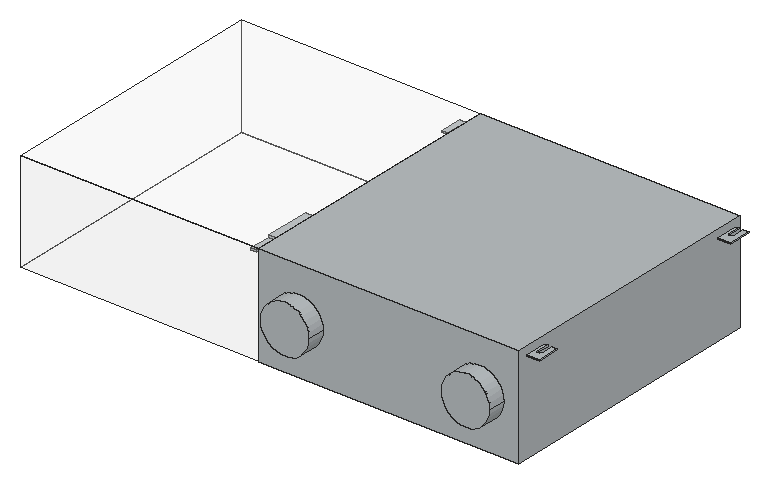
Revit family "vl-25zmhv2(-s)_50Hz", category 機械設備, Revit 2019
Family settings
  丸型コネクタ寸法 = 直径を使用
  パーツ タイプ = 標準
  OmniClass 番号 = 23.75.10.34.21
  OmniClass タイトル = Heat Exchangers for Ventilation Air
  作業面ベース = いいえ
  常に垂直 = はい
  ロード時にボイドで切り取り = いいえ
  共有 = いいえ
  部屋計算ポイント = はい
Parameters (values of type "VL-25ZMHV2")
  騒音レベル(dB(A)) = 33
  風量 = 250.0 m³/h
  面風速 = 3.93 m/s
  電源種別 [instance] = ""
  電圧 = 100 V
  電動機出力 = 0 W
  集中コントローラ = ""
  運転質量 = 0.00 kg
  連動 [instance] = ""
  質量 = if(製品質量 > 運転質量, 製品質量, 運転質量) * 1.2  # 22.80 kg
  負荷分類 = 3_ファン類
  説明 = "ロスナイセントラル換気システム 天吊埋込形 高効率シリーズ"
  設計風量 = 0.0 m³/h
  設置方法 = "天井吊(隠ぺい)形"
  記号 [instance] = ""
  製造元 = "三菱電機株式会社"
  製品質量 = 19.00 kg
  製品出荷対象 = "国内"
  製品リリース年月 = "2022/6/1"
  製品グループ = ""
  系統 [instance] = ""
  符号 = "HEU"
  積算_科目 = "1 空気調和設備"
  積算_拾い区分 [instance] = ""
  相 = 1
  盤記号 [instance] = ""
  発停方法 [instance] = ""
  特殊仕様 [instance] = ""
  点検口高さ = -Height  # -295 mm
  点検口離隔 = 250 mm
  点検口_Depth = 450 mm
  点検口 = yes
  火災停止 [instance] = ""
  温度交換効率 = 80.00%
  消費電力 = 74 W
  法定耐用年数 = "15"
  機外静圧_排気 = 118.0 Pa
  機外静圧 = 118.0 Pa
  極数 = 2
  材質 [instance] = ""
  本体マテリアル = 溶融めっき鋼板
  操作・制御方式 = ""
  操作・制御スイッチ = ""
  排気量 = 0.0 m³/h
  形式 = "天井埋込ダクト形"
  幹線記号 [instance] = ""
  対象室 [instance] = ""
  実風量 = 0.0 m³/h
  始動方式 [instance] = "直入"
  天吊金具_径 = 13 mm
  天吊金具_幅 = 22 mm
  外気量 = 0.0 m³/h
  呼称 = "全熱交換ユニット"
  周波数 = 50 Hz
  天吊金具ピッチ2 = 700 mm
  天吊金具ピッチ1 = 797 mm
  天吊金具_高さ = 20 mm
  参照している仕様書等のバージョン = ""
  初期抵抗 = 0.0 Pa
  分類コード = "50052504100070"
  分類グループ = ""
  価格 = 340600
  企業コード = "108420"
  付属品_フィルター_還気 = ""
  付属品_フィルター = ""
  付属品 [instance] = ""
  仕様書バージョン = "Version1.0"
  モデル = "VL-25ZMHV2"
  メンテナンススペース = yes
  ダクト径 = 150 mm
  コメント [instance] = ""
  Keynote = ""
  エンタルピ交換効率_暖房 = 70.00%
  エンタルピ交換効率_冷房 = 67.50%
  Assembly Code = ""
  Width = 761 mm
  W1 = 45 mm
  Version = ""
  Uniclass2015Version = "Systems v1.9"
  Uniclass2015Title = "Thermal wheels"
  Uniclass2015Code = "Pr_60_60_36_88"
  URL = "https://www.mitsubishielectric.co.jp/ldg/wink/ssl/displayProduct.do?pid=320836"
  SpecificationReference = ""
  SpecificationDescription = ""
  SAサイズ_D = 142 mm
  Revision = ""
  RAサイズ_D = 142 mm
  ProductInformation = ""
  OmniClassCode = "23-27 23 19 11"
  OAダクト接続口方向_標準 = yes
  OAダクト接続口方向_変更 = not(OAダクト接続口方向_標準)  # no
  OAサイズ_W = 0 mm
  OAサイズ_D = 142 mm
  MIN風量 = 175.0 m³/h
  MIN静圧 = 58.0 Pa
  MID風量 = 210.0 m³/h
  MID静圧 = 83.0 Pa
  MAX風量 = 250.0 m³/h
  MAX静圧 = 118.0 Pa
  IfcTypeProduct = ""
  IfcProduct = ""
  IfcExportType = "ROTARYWHEEL"
  IfcExportAs = "IfcAirToAirHeatRecoveryType"
  Height = 295 mm
  H3 = 147.5 mm
  H2 = 18.4 mm
  H1 = 250.8 mm
  EAダクト接続口方向_変更 = not(EAダクト接続口方向_標準)  # no
  EAダクト接続口方向_標準 = yes
  EAサイズ_W = 0 mm
  EAサイズ_D = 142 mm
  Duct_Pitch = 530 mm
  DuctChange_Center = 102 mm
  Depth = 810 mm
  D3 = 50 mm
  D2 = 91.5 mm
  D1 = 135 mm
  Clearance Top = 0 mm
  Clearance Left = 700 mm
  Clearance Bottom = 0 mm
  Author = "三菱電機株式会社"
Types (2, lengths in mm): name | モデル | URL | MIN風量 | MIN静圧 | MID風量 | MID静圧
  VL-25ZMHV2 | "VL-25ZMHV2" | "https://www.mitsubishielectric.co.jp/ldg/wink/ssl/displayProduct.do?pid=320836" | 175.0 m³/h | 58.0 Pa | 210.0 m³/h | 83.0 Pa
  VL-25ZMHV2-S | "VL-25ZMHV2-S" | "https://www.mitsubishielectric.co.jp/ldg/wink/ssl/displayProduct.do?pid=320837" | 100.0 m³/h | 19.0 Pa | 180.0 m³/h | 62.0 Pa
Reference planes
  plane 1 "中心(正面/背面)": y = 0
  plane 2: z = 0
  plane 3 "中心(左/右)": x = 0
  plane 4: x = -380.5
  plane 5: x = 380.5
  plane 6: y = 405
  plane 7: y = -405
  plane 8: z = -295
  plane 9: z = -147.5
  plane 10: x = -265
  plane 11: x = 265
  plane 12: y = -455
  plane 13: y = 455
  plane 14: y = 303
  plane 15: x = -430.5
  plane 16: x = 430.5
  plane 17: x = -1080.5
  plane 18: y = -313.5
  plane 19: y = -178.5
  plane 20: z = -18.4
  plane 21: z = -269.2
  plane 22: x = -425.5
  plane 23: x = -630.5
  plane 24: y = 225
  plane 25: x = -398.5
  plane 26: x = 398.5
  plane 27: y = 350
  plane 28: y = -350
  plane 29: y = -225
  plane 30: x = -420.5
  plane 31: y = -370
  plane 32: z = -5
  plane 33: z = -20
  plane 34: z = -23
  plane 35: x = 420.5
  plane 36: z = -295
  plane 37: z = 0
Forms (mm)
  Extrusion 1, solid, material "溶融めっき鋼板" <- "本体マテリアル", detail levels fine
    sketch origin (0, 0, 0) x (1, 0, 0) y (0, 1, 0)
      loop
        line (-380.5, 405) -> (-380.5, -405) -> (380.5, -405) -> (380.5, 405) -> (-380.5, 405)
    from 0 to -295
  Extrusion 2, solid, material "溶融めっき鋼板" <- "本体マテリアル", detail levels fine
    sketch origin (510, -445, 0) x (-1, 0, 0) y (0, 0, -1)
      loop
        circle (245, 147.5) r 71
    from -40 to 10
  Extrusion 3, solid, material "溶融めっき鋼板" <- "本体マテリアル", detail levels fine
    sketch origin (-380.5, -405, 0) x (0, 1, 0) y (0, 0, -1)
      loop
        line (226.5, 18.4) -> (226.5, 269.2) -> (91.5, 269.2) -> (91.5, 18.4) -> (226.5, 18.4)
    from 0 to 45
  Extrusion 4, solid, material "溶融めっき鋼板" <- "本体マテリアル", visible <- "EAダクト接続口方向_標準", detail levels fine
    sketch origin (510, 445, 0) x (-1, 0, 0) y (0, 0, 1)
      loop
        circle (245, -147.5) r 71
    from -40 to 10
  Extrusion 5, solid, material "溶融めっき鋼板" <- "本体マテリアル", visible <- "OAダクト接続口方向_標準", detail levels fine
    sketch origin (-510, 445, 0) x (1, 0, 0) y (0, 0, -1)
      loop
        circle (245, 147.5) r 71
    from -40 to 10
  Extrusion 6, solid, material "溶融めっき鋼板" <- "本体マテリアル", detail levels fine
    sketch origin (-510, -445, 0) x (1, 0, 0) y (0, 0, 1)
      loop
        circle (245, -147.5) r 71
    from -40 to 10
  Extrusion 7, solid, material "溶融めっき鋼板" <- "本体マテリアル", visible <- "EAダクト接続口方向_変更", detail levels fine
    sketch origin (0, 0, 0) x (0, 1, 0) y (0, 0, 1)
      loop
        circle (303, -147.5) r 71
    from 380.5 to 430.5
  Extrusion 8, solid, material "溶融めっき鋼板" <- "本体マテリアル", visible <- "OAダクト接続口方向_変更", detail levels fine
    sketch origin (0, 0, 0) x (0, 1, 0) y (0, 0, -1)
      loop
        circle (303, 147.5) r 71
    from 380.5 to 430.5
  Extrusion 9, solid, material "溶融めっき鋼板" <- "本体マテリアル", detail levels fine
    sketch origin (0, 0, 0) x (1, 0, 0) y (0, 1, 0)
      loop
        line (-420.5, 315) -> (-405, 315) -> (-405, 350)
        arc (-405, 350) -> (-398.5, 356.5) -> (-392, 350) r 6.5
        line (-392, 350) -> (-392, 315) -> (-380.5, 315) -> (-380.5, 380) -> (-420.5, 380) -> (-420.5, 315)
      loop
        line (-420.5, -385) -> (-405, -385) -> (-405, -350)
        arc (-405, -350) -> (-398.5, -343.5) -> (-392, -350) r 6.5
        line (-392, -350) -> (-392, -385) -> (-380.5, -385) -> (-380.5, -320) -> (-420.5, -320) -> (-420.5, -385)
      loop
        line (392, 350) -> (392, 385) -> (380.5, 385) -> (380.5, 320) -> (420.5, 320) -> (420.5, 385) -> (405, 385) -> (405, 350)
        arc (405, 350) -> (398.5, 343.5) -> (392, 350) r 6.5
      loop
        line (392, -350) -> (392, -315) -> (380.5, -315) -> (380.5, -380) -> (420.5, -380) -> (420.5, -315) -> (405, -315) -> (405, -350)
        arc (405, -350) -> (398.5, -356.5) -> (392, -350) r 6.5
    from -23 to -20
Lines and regions (mm)
  Masking region 1, detail levels coarse+medium
    outline origin (1326.5, 29, 0) x (1, 0, 0) y (0, 1, 0)
      loop
        line (-1707, 376) -> (-1707, -434) -> (-946, -434) -> (-946, 376) -> (-1707, 376)
  symbolic lines, detail levels coarse+medium
    curve 1: line (0, 405, 0) -> (-380.5, 0, 0)
    curve 2: line (-380.5, 0, 0) -> (0, -405, 0)
    curve 3: line (0, -405, 0) -> (380.5, 0, 0)
    curve 4: line (380.5, 0, 0) -> (0, 405, 0)
Dimensions and locks
  equal spacing: plane 4, plane 3 "中心(左/右)", plane 5
  "Width": plane 4 to plane 5
  equal spacing: plane 6, plane 1 "中心(正面/背面)", plane 7
  "Depth": plane 6 to plane 7
  "Height": level to plane 8
  "H3": level to plane 9
  equal spacing: plane 11, plane 3 "中心(左/右)", plane 10
  "Duct_Pitch": plane 11 to plane 10
  "D3": plane 13 to plane 6
  "D3": plane 7 to plane 12
  "DuctChange_Center": plane 6 to plane 14
  "D3": plane 5 to plane 16
  "D3": plane 15 to plane 4
  "Clearance Left": plane 17 to plane 4
  "H2": level to plane 20
  "H1": plane 20 to plane 21
  "D2": plane 18 to plane 7
  "D1": plane 19 to plane 18
  "W1": plane 22 to plane 4
  "点検口離隔": plane 23 to plane 4
  equal spacing: plane 25, plane 3 "中心(左/右)", plane 26
  "天吊金具ピッチ1": plane 25 to plane 26
  equal spacing: plane 27, plane 1 "中心(正面/背面)", plane 28
  "天吊金具ピッチ2": plane 27 to plane 28
  equal spacing: plane 24, plane 1 "中心(正面/背面)", plane 29
  "点検口_Depth": plane 24 to plane 29
  "天吊金具_幅": plane 30 to plane 25
  "天吊金具_高さ": level to plane 33
  locked: plane 33 to plane 34 at 3
  "天吊金具_幅": plane 26 to plane 35
  "Clearance Bottom": plane 8 to plane 36
  "Clearance Top": plane 37 to level
  plane 27 to Extrusion 9 sketch curve = 30 mm  (x2)
  plane 27 to Extrusion 9 sketch curve = 35 mm  (x2)
  equal spacing: Extrusion 9 sketch curve, plane 25, Extrusion 9 sketch curve  (x2)
  "天吊金具_径": Extrusion 9 sketch curve to Extrusion 9 sketch curve  (x4)
  plane 28 to Extrusion 9 sketch curve = 30 mm  (x2)
  plane 28 to Extrusion 9 sketch curve = 35 mm  (x2)
  equal spacing: Extrusion 9 sketch curve, plane 26, Extrusion 9 sketch curve  (x2)
  "RAサイズ_D": diameter of Extrusion 2 sketch curve
  "EAサイズ_D": diameter of Extrusion 4 sketch curve
  "OAサイズ_D": diameter of Extrusion 5 sketch curve
  "SAサイズ_D": diameter of Extrusion 6 sketch curve
  "EAサイズ_D": diameter of Extrusion 7 sketch curve
  "EAサイズ_D": diameter of Extrusion 8 sketch curve
  aligned and locked: level to plane 2
  aligned and locked: Extrusion 1 to plane 8
  aligned and locked: plane 7 to Extrusion 2
  aligned and locked: Extrusion 2 to plane 12
  aligned and locked: plane 17 to nested 1
  aligned and locked: plane 4 to nested 1
  aligned and locked: nested 1 to plane 6
  aligned and locked: nested 1 to plane 7
  aligned and locked: Extrusion 3 to plane 22
  aligned and locked: plane 4 to Extrusion 3
  aligned and locked: Masking region 1 to plane 4
  aligned and locked: plane 5 to Masking region 1
  aligned and locked: plane 6 to Masking region 1
  aligned and locked: Masking region 1 to plane 7
  aligned and locked: plane 26 to nested 2
  aligned and locked: plane 25 to nested 2
  aligned and locked: nested 2 to plane 28
  aligned and locked: plane 27 to nested 2
  aligned and locked: Extrusion 3 to plane 19
  aligned and locked: Extrusion 3 to plane 21
  aligned and locked: plane 20 to Extrusion 3
  aligned and locked: plane 18 to Extrusion 3
  aligned and locked: plane 23 to nested 3
  aligned and locked: plane 17 to nested 3
  aligned and locked: plane 24 to nested 3
  aligned and locked: nested 3 to plane 29
  aligned and locked: plane 13 to Extrusion 4
  aligned and locked: Extrusion 4 to plane 6
  aligned and locked: plane 13 to Extrusion 5
  aligned and locked: Extrusion 5 to plane 6
  aligned and locked: Extrusion 6 to plane 12
  aligned and locked: plane 7 to Extrusion 6
  aligned and locked: plane 16 to Extrusion 7
  aligned and locked: Extrusion 7 to plane 5
  aligned and locked: plane 4 to Extrusion 8
  aligned and locked: Extrusion 8 to plane 15
  aligned and locked: plane 36 to nested 1
  aligned and locked: plane 37 to nested 1
  aligned and locked: plane 30 to Extrusion 9 sketch curve
  aligned and locked: Extrusion 9 to plane 34
  aligned and locked: plane 33 to Extrusion 9
  aligned and locked: plane 35 to Extrusion 9 sketch curve  (x2)
  aligned and locked: plane 5 to Extrusion 9 sketch curve  (x2)
Automatic sketch dimensions
  Extrusion 2 sketch curve to plane 9 = 0 mm
  Extrusion 2 sketch curve to plane 11 = 0 mm
  Extrusion 4 sketch curve to plane 9 = 0 mm
  Extrusion 4 sketch curve to plane 11 = 0 mm
  Extrusion 5 sketch curve to plane 9 = 0 mm
  Extrusion 5 sketch curve to plane 10 = 0 mm
  Extrusion 6 sketch curve to plane 9 = 0 mm
  Extrusion 6 sketch curve to plane 10 = 0 mm
  Extrusion 7 sketch curve to plane 9 = 0 mm
  Extrusion 7 sketch curve to plane 14 = 0 mm
  Extrusion 8 sketch curve to plane 9 = 0 mm
  Extrusion 8 sketch curve to plane 14 = 0 mm
  plane 1 "中心(正面/背面)" to curve 1 = 0 mm
  curve 1 to plane 4 = 0 mm
  curve 2 to plane 3 "中心(左/右)" = 0 mm
  curve 4 to plane 3 "中心(左/右)" = 0 mm
  plane 1 "中心(正面/背面)" to curve 4 = 0 mm
  curve 4 to plane 5 = 0 mm
  curve 2 to plane 7 = 0 mm
  curve 4 to plane 6 = 0 mm
  Extrusion 1 sketch curve to plane 4 = 0 mm
  Extrusion 1 sketch curve to plane 5 = 0 mm
  Extrusion 1 sketch curve to plane 7 = 0 mm
  Extrusion 1 sketch curve to plane 6 = 0 mm
  Extrusion 1 to Extrusion 3 sketch curve = 18.4 mm
  Extrusion 3 sketch curve to Extrusion 1 = 91.5 mm
  Extrusion 1 to Extrusion 3 sketch curve = 25.8 mm
  Extrusion 3 sketch curve to Extrusion 3 sketch curve = 135 mm
  Masking region 1 sketch curve to plane 4 = 0 mm
  Masking region 1 sketch curve to plane 5 = 0 mm
  Masking region 1 sketch curve to plane 7 = 0 mm
  Masking region 1 sketch curve to plane 6 = 0 mm
  Extrusion 9 sketch curve to plane 30 = 0 mm
  Extrusion 9 sketch curve to plane 4 = 0 mm  (x2)
  Extrusion 9 sketch curve to plane 28 = 0 mm  (x2)
  Extrusion 9 sketch curve to plane 27 = 0 mm  (x2)
  Extrusion 9 sketch curve to Extrusion 9 sketch curve = 0 mm  (x3)
  plane 18 to Extrusion 9 sketch curve = 1.5 mm
Nested families
  nested 1: "メンテナンススペース" at (-730.5, 0, -147.5), visible <- "メンテナンススペース", type "メンテナンススペース"
    with Width 700 mm, Height 295 mm, Depth 810 mm
  nested 2: "固定点" at (-398.5, -350, 0), type "固定点"
    with W 797 mm, D 700 mm
  nested 3: "点検口設置範囲" at (-855.5, 0, -295), built-in parameter 1001364 <- "点検口高さ", visible <- "点検口", type "点検口設置範囲"
    with Width 450 mm, Depth 450 mm
Connectors
  hvac at (265, -455, -147.5), driven by "ダクト径", driven by "機外静圧", driven by "風量"
    settings: on Extrusion 2, index 2, duct flow 250.0 m³/h, flow factor 0, pres drop 118.0 Pa, loss coef 0, conn angle 0.00°, conn width 304.8 mm, conn height 304.8 mm, conn diameter 150 mm, duct sys type 2, conn prof type 0, flow config 0, flow direction 1, loss method 4, conn ref index -1, conn util no, is conn primary yes, conn desc ""
  electrical at (-403, -313.5, -143.8), driven by "負荷分類", driven by "相", driven by "電圧", driven by "消費電力"
    settings: on Extrusion 3, index 7, voltage 100 V, apparent load 74 VA, apparent load phase1 0 VA, apparent load phase2 0 VA, apparent load phase3 0 VA, power factor 1, load classification "3_ファン類", number of poles 1, system type 30, power factor state 1, is connector primary yes, connector utility no, sub classification motor no, connector description ""
  hvac at (265, 455, -147.5), driven by "ダクト径", driven by "排気量", driven by "機外静圧_排気"
    settings: on Extrusion 4, index 8, duct flow 0.0 m³/h, flow factor 0, pres drop 118.0 Pa, loss coef 0, conn angle 0.00°, conn width 304.8 mm, conn height 304.8 mm, conn diameter 150 mm, duct sys type 3, conn prof type 0, flow config 0, flow direction 2, loss method 4, conn ref index -1, conn util no, is conn primary no, conn desc ""
  hvac at (-265, 455, -147.5), driven by "ダクト径", driven by "外気量", driven by "機外静圧"
    settings: on Extrusion 5, index 9, duct flow 0.0 m³/h, flow factor 0, pres drop 118.0 Pa, loss coef 0, conn angle 0.00°, conn width 304.8 mm, conn height 304.8 mm, conn diameter 150 mm, duct sys type 4, conn prof type 0, flow config 0, flow direction 1, loss method 4, conn ref index -1, conn util no, is conn primary no, conn desc ""
  hvac at (-265, -455, -147.5), driven by "ダクト径", driven by "風量", driven by "機外静圧"
    settings: on Extrusion 6, index 10, duct flow 250.0 m³/h, flow factor 0, pres drop 118.0 Pa, loss coef 0, conn angle 0.00°, conn width 304.8 mm, conn height 304.8 mm, conn diameter 150 mm, duct sys type 1, conn prof type 0, flow config 0, flow direction 2, loss method 4, conn ref index -1, conn util no, is conn primary no, conn desc ""
  hvac at (430.5, 303, -147.5), driven by "ダクト径", driven by "機外静圧_排気", driven by "排気量"
    settings: on Extrusion 7, index 11, duct flow 0.0 m³/h, flow factor 0, pres drop 118.0 Pa, loss coef 0, conn angle 0.00°, conn width 304.8 mm, conn height 304.8 mm, conn diameter 150 mm, duct sys type 3, conn prof type 0, flow config 0, flow direction 2, loss method 4, conn ref index -1, conn util no, is conn primary no, conn desc ""
  hvac at (-430.5, 303, -147.5), driven by "ダクト径", driven by "機外静圧", driven by "外気量"
    settings: on Extrusion 8, index 12, duct flow 0.0 m³/h, flow factor 0, pres drop 118.0 Pa, loss coef 0, conn angle 0.00°, conn width 304.8 mm, conn height 304.8 mm, conn diameter 150 mm, duct sys type 4, conn prof type 0, flow config 0, flow direction 1, loss method 4, conn ref index -1, conn util no, is conn primary no, conn desc ""
Definition of nested family "メンテナンススペース"
  Parameters (values of type "メンテナンススペース")
    Width [instance] = 500 mm
    Height [instance] = 500 mm
    Depth [instance] = 500 mm
  Reference planes
    plane 1 "中心(正面/背面)": y = 0
    plane 2: z = 0
    plane 3 "中心(左/右)": x = 0
    plane 4: y = -250
    plane 5: x = 250
    plane 6: y = 250
    plane 7: x = -250
    plane 8: z = 250
    plane 9: z = -250
  Forms (mm)
    Extrusion 1, solid
      sketch origin (-638.939, 0, 72.39) x (1, 0, 0) y (0, 1, 0)
        loop
          line (388.939, 250) -> (388.939, -250) -> (888.939, -250) -> (888.939, 250) -> (388.939, 250)
      from -322.39 to 177.61
  Lines and regions (mm)
    symbolic lines
      curve 1: line (-250, 0, 250) -> (250, 0, 250)
      curve 2: line (-250, 0, -250) -> (-250, 0, 250)
      curve 3: line (250, 0, -250) -> (-250, 0, -250)
      curve 4: line (250, 0, 250) -> (250, 0, -250)
      curve 5: line (0, -250, 250) -> (0, 250, 250)
      curve 6: line (0, -250, -250) -> (0, -250, 250)
      curve 7: line (0, 250, -250) -> (0, -250, -250)
      curve 8: line (0, 250, 250) -> (0, 250, -250)
      curve 9: line (-250, 250, 0) -> (250, 250, 0)
      curve 10: line (-250, -250, 0) -> (-250, 250, 0)
      curve 11: line (250, -250, 0) -> (-250, -250, 0)
      curve 12: line (250, 250, 0) -> (250, -250, 0)
  Dimensions and locks
    equal spacing: plane 7, plane 3 "中心(左/右)", plane 5
    equal spacing: plane 4, plane 1 "中心(正面/背面)", plane 6
    "Depth": plane 4 to plane 6
    "Width": plane 7 to plane 5
    equal spacing: plane 8, plane 2, plane 9
    "Height": plane 8 to plane 9
    aligned and locked: plane 9 to curve 3
    aligned and locked: plane 7 to curve 2
    aligned and locked: curve 4 to plane 5
    aligned and locked: plane 5 to Extrusion 1
    aligned and locked: Extrusion 1 to plane 7
    aligned and locked: Extrusion 1 to plane 9
    aligned and locked: plane 8 to Extrusion 1
    aligned and locked: plane 9 to curve 7
  Automatic sketch dimensions
    plane 4 to Extrusion 1 sketch curve = 0 mm
    Extrusion 1 sketch curve to plane 7 = 0 mm
    Extrusion 1 sketch curve to plane 5 = 0 mm
    plane 6 to Extrusion 1 sketch curve = 0 mm
    curve 2 to plane 8 = 0 mm
    plane 4 to curve 11 = 0 mm
    curve 11 to plane 7 = 0 mm
    curve 11 to plane 5 = 0 mm
    plane 6 to curve 10 = 0 mm
    curve 7 to plane 4 = 0 mm
    curve 7 to plane 6 = 0 mm
    curve 6 to plane 8 = 0 mm
Definition of nested family "固定点"
  Parameters (values of type "固定点")
    中心円 = 20 mm
    W [instance] = 1000 mm
    D [instance] = 1000 mm
  Reference planes
    plane 1 "中心(正面/背面)": y = 0
    plane 2: z = 0
    plane 3 "中心(左/右)": x = 0
    plane 4: x = 1000
    plane 5: y = 1000
  Lines and regions (mm)
    symbolic lines, detail levels fine
      curve 1: circle (0, 1000, 0) r 10 normal (0, 0, 1)
      curve 2: circle (0, 0, 0) r 10 normal (0, 0, 1)
      curve 3: circle (1000, 1000, 0) r 10 normal (0, 0, 1)
      curve 4: circle (1000, 0, 0) r 10 normal (0, 0, 1)
      curve 5: line (-200, 1000, 0) -> (1200, 1000, 0)
      curve 6: line (-200, 0, 0) -> (1200, 0, 0)
      curve 7: line (0, 1200, 0) -> (0, -200, 0)
      curve 8: line (1000, 1200, 0) -> (1000, -200, 0)
  Dimensions and locks
    "W": plane 3 "中心(左/右)" to plane 4
    "D": plane 1 "中心(正面/背面)" to plane 5
    "中心円": diameter of curve 1
    "中心円": diameter of curve 2
    "中心円": diameter of curve 3
    "中心円": diameter of curve 4
    aligned and locked: level to plane 2
    aligned and locked: plane 5 to curve 1
    aligned and locked: plane 3 "中心(左/右)" to curve 1
    aligned and locked: plane 3 "中心(左/右)" to curve 2
    aligned and locked: plane 1 "中心(正面/背面)" to curve 2
    aligned and locked: plane 4 to curve 3
    aligned and locked: plane 5 to curve 3
    aligned and locked: plane 1 "中心(正面/背面)" to curve 4
    aligned and locked: plane 4 to curve 4
    aligned and locked: plane 1 "中心(正面/背面)" to curve 6
    aligned and locked: curve 7 to plane 3 "中心(左/右)"
    aligned and locked: curve 8 to plane 4
  Automatic sketch dimensions
    curve 5 to plane 5 = 0 mm
    curve 6 to plane 3 "中心(左/右)" = 200 mm
    curve 5 to plane 3 "中心(左/右)" = 200 mm
    curve 4 to curve 6 = 200 mm
    curve 3 to curve 5 = 200 mm
    plane 1 "中心(正面/背面)" to curve 8 = 200 mm
    plane 1 "中心(正面/背面)" to curve 7 = 200 mm
    curve 3 to curve 8 = 200 mm
    curve 1 to curve 7 = 200 mm
Definition of nested family "点検口設置範囲"
  Parameters (values of type "点検口設置範囲")
    Width [instance] = 1000 mm
    Depth [instance] = 700 mm
  Reference planes
    plane 1 "中心(正面/背面)": y = 0
    plane 2: z = 0
    plane 3 "中心(左/右)": x = 0
    plane 4: x = -500
    plane 5: x = 500
    plane 6: y = -350
    plane 7: y = 350
  Lines and regions (mm)
    model lines
      curve 1: line (-500, 350, 0) -> (500, 350, 0)
      curve 2: line (-500, -350, 0) -> (-500, 350, 0)
      curve 3: line (500, -350, 0) -> (-500, -350, 0)
      curve 4: line (500, 350, 0) -> (500, -350, 0)
  Dimensions and locks
    "Depth": plane 7 to plane 6
    "Width": plane 4 to plane 5
    equal spacing: plane 7, plane 1 "中心(正面/背面)", plane 6
    equal spacing: plane 4, plane 3 "中心(左/右)", plane 5
    aligned and locked: level to plane 2
    aligned and locked: plane 4 to curve 2
    aligned and locked: curve 1 to plane 7
    aligned and locked: curve 4 to plane 5
    aligned and locked: plane 6 to curve 3
